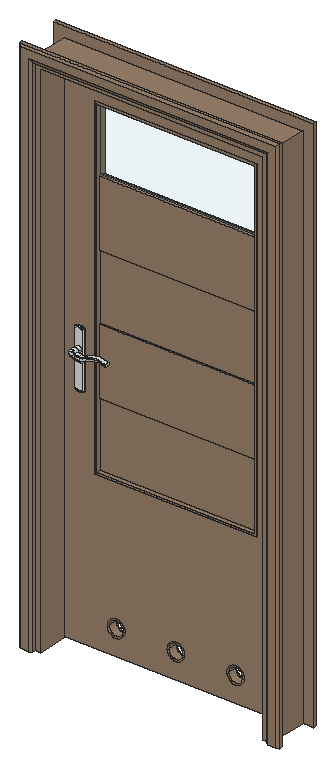
Revit family "Internal Door - sliding", category Doors, host Wall, Revit 2012
Parameters (values of type "1 vision pannel + vent")
  Vent Hole Sweep Material [instance] = Wood
  Opening Frame Material [instance] = Wood
  Hole dia [instance] = 30 mm
  Glass [instance] = Glass
  Function = (empty or 0)
  Frame Width = 50 mm
  Height = 2000 mm
  Wall Closure = (empty or 0)
  Width = 900 mm
  Frame Material [instance] = Wood
  Door Leaf Material [instance] = Wood
Values of the unnamed type that differ from the named types
  Function = Interior
  Wall Closure = By host
Reference planes
  plane 1: y = 0
  plane 2 "Center (Left/Right)": x = 0
  plane 3 "Left": x = -450
  plane 4 "Right": x = 450
  plane 5: z = 2000
  plane 6 "Exterior": y = 75
  plane 7 "Interior": y = -75
  plane 8: x = -300
  plane 9: x = 300
  plane 10: z = 600
  plane 11: z = 1850
  plane 12: z = 850
  plane 13: z = 1100
  plane 14: z = 1350
  plane 15: z = 1600
  plane 16: y = 56.5
  plane 17: y = 59
  plane 18: y = 54
  plane 19: y = 66.5
  plane 20: y = 46.5
  plane 21: x = -360
  plane 22: z = 1000
  plane 23: z = 100
  plane 24: x = 225
  plane 25: x = -225
Forms (mm)
  Sweep 1, solid, material "Wood" <- "Frame Material"
    path origin (0, -75, 0) x (1, 0, 0) y (0, 0, 1)
      loop
        line (-450, 0) -> (-450, 2000) -> (450, 2000) -> (450, 0)
    profile origin (-450, -75, 1000) x (-1, 0, 0) y (0, -1, 0)
      loop
        line (0, 0) -> (-30, 0) -> (-30, -111) -> (-10, -111) -> (-10, -150) -> (0, -150) -> (0, 0)
      loop
        line (40, 1) -> (40, 9.694) -> (30, 16) -> (0, 16) -> (-10, 9.694) -> (-10, 1) -> (40, 1)
      loop
        line (40, -151) -> (-10, -151) -> (-10, -159.694) -> (0, -166) -> (30, -166) -> (40, -159.694) -> (40, -151)
  Extrusion 2, solid, material "Wood" <- "Door Leaf Material"
    sketch origin (0, 0, 0) x (1, 0, 0) y (0, 1, 0)
      loop
        line (-435, 38) -> (435, 38) -> (435, 75) -> (-435, 75) -> (-435, 38)
    from 5.345 to 1985.123
  Extrusion 3, void
    sketch origin (0, 0, 0) x (1, 0, 0) y (0, 1, 0)
      loop
        line (-300, 75) -> (-300, 38) -> (300, 38) -> (300, 75) -> (-300, 75)
    from 600 to 802.884
  Extrusion 4, void
    sketch origin (0, 0, 0) x (1, 0, 0) y (0, 1, 0)
      loop
        line (-300, 75) -> (-300, 38) -> (300, 38) -> (300, 75) -> (-300, 75)
    from 600 to 1850
  Extrusion 5, solid, material "Wood" <- "Door Leaf Material"
    sketch origin (0, 0, 0) x (1, 0, 0) y (0, 1, 0)
      loop
        line (-300, 66.5) -> (-300, 46.5) -> (300, 46.5) -> (300, 66.5) -> (-300, 66.5)
    from 850 to 1100
  Extrusion 6, solid, material "Wood" <- "Door Leaf Material"
    sketch origin (0, 0, 0) x (1, 0, 0) y (0, 1, 0)
      loop
        line (-300, 66.5) -> (-300, 46.5) -> (300, 46.5) -> (300, 66.5) -> (-300, 66.5)
    from 1350 to 1600
  Blend 7, solid, material "Metal", not visible
    base sketch origin (35.686, 0, 1007.829) x (1, 0, 0) y (0, 0, 1)
      loop
        arc (-17.526, -140.706) -> (0, -145.931) -> (17.526, -140.706) r 32.004
        line (17.526, -140.706) -> (17.526, 71.368)
        arc (17.526, 71.368) -> (0, 76.594) -> (-17.526, 71.368) r 32.004
        line (-17.526, 71.368) -> (-17.526, -140.706)
    top sketch origin (35.686, 0, 1007.829) x (1, 0, 0) y (0, 0, 1)
      loop
        arc (14.148, 68.287) -> (0, 73.215) -> (-14.148, 68.287) r 22.77
        line (-14.148, 68.287) -> (-14.148, -137.624)
        arc (-14.148, -137.624) -> (0, -142.553) -> (14.148, -137.624) r 22.77
        line (14.148, -137.624) -> (14.148, 68.287)
    from 3.175 to 6.35
  Extrusion 8, solid, material "Metal", not visible
    sketch origin (35.686, 0, 1007.829) x (1, 0, 0) y (0, 0, 1)
      loop
        arc (-17.526, -140.706) -> (0, -145.931) -> (17.526, -140.706) r 32.004
        line (17.526, -140.706) -> (17.526, 71.368)
        arc (17.526, 71.368) -> (0, 76.594) -> (-17.526, 71.368) r 32.004
        line (-17.526, 71.368) -> (-17.526, -140.706)
    from 0 to 3.175
  Extrusion 9, solid, material "Metal", not visible
    sketch origin (35.686, 0, 1007.829) x (1, 0, 0) y (0, 0, 1)
      loop
        circle (0, 0) r 9.919
    from 6.35 to 25.4
  Extrusion 10, solid, material "Metal", not visible
    sketch origin (35.686, -20, 1007.829) x (1, 0, 0) y (0, 0, 1)
      loop
        arc (27.178, -19.985) -> (38.428, -17.933) -> (48.778, -13.068) r 44.288
        arc (48.778, -13.068) -> (84.574, 3.027) -> (123.292, -3.407) r 67.809
        arc (123.292, -3.407) -> (128.362, -0.944) -> (125.9, 4.127) r 3.986
        arc (125.9, 4.127) -> (83.38, 11.406) -> (42.125, -1.201) r 93.388
        arc (42.125, -1.201) -> (34.818, -3.457) -> (27.178, -3.773) r 29.69
        arc (27.178, -3.773) -> (18.711, -1.746) -> (11.197, 2.65) r 29.69
        arc (11.197, 2.65) -> (-8.598, 7.646) -> (-1.324, -11.43) r 11.506
        arc (-1.324, -11.43) -> (12.187, -18.173) -> (27.178, -19.985) r 44.288
    from 42.743 to 25.4
  Blend 11, solid, material "Metal", not visible
    base sketch origin (35.686, -20, 1007.829) x (1, 0, 0) y (0, 0, 1)
      loop
        arc (11.197, 2.65) -> (-8.598, 7.646) -> (-1.324, -11.43) r 11.506
        arc (-1.324, -11.43) -> (12.187, -18.173) -> (27.178, -19.985) r 44.288
        arc (27.178, -19.985) -> (38.428, -17.933) -> (48.778, -13.068) r 44.288
        arc (48.778, -13.068) -> (84.574, 3.027) -> (123.292, -3.407) r 67.809
        arc (123.292, -3.407) -> (128.362, -0.944) -> (125.9, 4.127) r 3.986
        arc (125.9, 4.127) -> (83.38, 11.406) -> (42.125, -1.201) r 93.388
        arc (42.125, -1.201) -> (34.818, -3.457) -> (27.178, -3.773) r 29.69
        arc (27.178, -3.773) -> (18.711, -1.746) -> (11.197, 2.65) r 29.69
    top sketch origin (35.686, -20, 1007.829) x (1, 0, 0) y (0, 0, 1)
      loop
        arc (26.899, -6.936) -> (16.966, -4.46) -> (8.277, 0.952) r 32.865
        arc (8.277, 0.952) -> (-6.164, 5.605) -> (-0.163, -8.33) r 8.331
        arc (-0.163, -8.33) -> (12.668, -15) -> (27.016, -16.815) r 41.113
        arc (27.016, -16.815) -> (37.352, -14.943) -> (46.876, -10.515) r 41.113
        arc (46.876, -10.515) -> (84.148, 6.173) -> (124.448, -0.438) r 70.984
        arc (124.448, -0.438) -> (125.388, 0.187) -> (124.795, 1.146) r 0.811
        arc (124.795, 1.146) -> (83.579, 8.237) -> (43.595, -4.019) r 90.213
        arc (43.595, -4.019) -> (35.438, -6.572) -> (26.899, -6.936) r 32.865
    from 42.743 to 44.532
  Blend 12, solid, material "Metal", not visible
    base sketch origin (-341.776, 95, 1007.829) x (1, 0, 0) y (0, 0, -1)
      loop
        line (-17.526, 140.706) -> (-17.526, -71.368)
        arc (-17.526, -71.368) -> (0, -76.594) -> (17.526, -71.368) r 32.004
        line (17.526, -71.368) -> (17.526, 140.706)
        arc (17.526, 140.706) -> (0, 145.931) -> (-17.526, 140.706) r 32.004
    top sketch origin (-341.776, 95, 1007.829) x (1, 0, 0) y (0, 0, -1)
      loop
        line (14.148, -68.287) -> (14.148, 137.624)
        arc (14.148, 137.624) -> (0, 142.553) -> (-14.148, 137.624) r 22.77
        line (-14.148, 137.624) -> (-14.148, -68.287)
        arc (-14.148, -68.287) -> (0, -73.215) -> (14.148, -68.287) r 22.77
    from 3.175 to 6.35
  Extrusion 13, solid, material "Metal", not visible
    sketch origin (-341.776, 95, 1007.829) x (1, 0, 0) y (0, 0, -1)
      loop
        line (-17.526, 140.706) -> (-17.526, -71.368)
        arc (-17.526, -71.368) -> (0, -76.594) -> (17.526, -71.368) r 32.004
        line (17.526, -71.368) -> (17.526, 140.706)
        arc (17.526, 140.706) -> (0, 145.931) -> (-17.526, 140.706) r 32.004
    from 0 to 3.175
  Extrusion 14, solid, material "Metal", not visible
    sketch origin (-341.776, 95, 1007.829) x (1, 0, 0) y (0, 0, -1)
      loop
        circle (0, 0) r 9.919
    from 6.35 to 25.4
  Extrusion 15, solid, material "Metal", not visible
    sketch origin (-341.776, 95, 1007.829) x (1, 0, 0) y (0, 0, -1)
      loop
        arc (27.178, 19.985) -> (12.187, 18.173) -> (-1.324, 11.43) r 44.288
        arc (-1.324, 11.43) -> (-8.598, -7.646) -> (11.197, -2.65) r 11.506
        arc (11.197, -2.65) -> (18.711, 1.746) -> (27.178, 3.773) r 29.69
        arc (27.178, 3.773) -> (34.818, 3.457) -> (42.125, 1.201) r 29.69
        arc (42.125, 1.201) -> (83.38, -11.406) -> (125.9, -4.127) r 93.388
        arc (125.9, -4.127) -> (128.362, 0.944) -> (123.292, 3.407) r 3.986
        arc (123.292, 3.407) -> (84.574, -3.027) -> (48.778, 13.068) r 67.809
        arc (48.778, 13.068) -> (38.428, 17.933) -> (27.178, 19.985) r 44.288
    from 42.743 to 25.4
  Blend 16, solid, material "Metal", not visible
    base sketch origin (-341.776, 95, 1007.829) x (1, 0, 0) y (0, 0, -1)
      loop
        arc (11.197, -2.65) -> (18.711, 1.746) -> (27.178, 3.773) r 29.69
        arc (27.178, 3.773) -> (34.818, 3.457) -> (42.125, 1.201) r 29.69
        arc (42.125, 1.201) -> (83.38, -11.406) -> (125.9, -4.127) r 93.388
        arc (125.9, -4.127) -> (128.362, 0.944) -> (123.292, 3.407) r 3.986
        arc (123.292, 3.407) -> (84.574, -3.027) -> (48.778, 13.068) r 67.809
        arc (48.778, 13.068) -> (38.428, 17.933) -> (27.178, 19.985) r 44.288
        arc (27.178, 19.985) -> (12.187, 18.173) -> (-1.324, 11.43) r 44.288
        arc (-1.324, 11.43) -> (-8.598, -7.646) -> (11.197, -2.65) r 11.506
    top sketch origin (-341.776, 95, 1007.829) x (1, 0, 0) y (0, 0, -1)
      loop
        arc (26.899, 6.936) -> (35.438, 6.572) -> (43.595, 4.019) r 32.865
        arc (43.595, 4.019) -> (83.579, -8.237) -> (124.795, -1.146) r 90.213
        arc (124.795, -1.146) -> (125.388, -0.187) -> (124.448, 0.438) r 0.811
        arc (124.448, 0.438) -> (84.148, -6.173) -> (46.876, 10.515) r 70.984
        arc (46.876, 10.515) -> (37.352, 14.943) -> (27.016, 16.815) r 41.113
        arc (27.016, 16.815) -> (12.668, 15) -> (-0.163, 8.33) r 41.113
        arc (-0.163, 8.33) -> (-6.164, -5.605) -> (8.277, -0.952) r 8.331
        arc (8.277, -0.952) -> (16.966, 4.46) -> (26.899, 6.936) r 32.865
    from 42.743 to 44.532
  Blend 17, solid, material "Metal", not visible
    base sketch origin (-341.776, 38, 1007.829) x (1, 0, 0) y (0, 0, 1)
      loop
        arc (-17.526, -140.706) -> (0, -145.931) -> (17.526, -140.706) r 32.004
        line (17.526, -140.706) -> (17.526, 71.368)
        arc (17.526, 71.368) -> (0, 76.594) -> (-17.526, 71.368) r 32.004
        line (-17.526, 71.368) -> (-17.526, -140.706)
    top sketch origin (-341.776, 38, 1007.829) x (1, 0, 0) y (0, 0, 1)
      loop
        arc (14.148, 68.287) -> (0, 73.215) -> (-14.148, 68.287) r 22.77
        line (-14.148, 68.287) -> (-14.148, -137.624)
        arc (-14.148, -137.624) -> (0, -142.553) -> (14.148, -137.624) r 22.77
        line (14.148, -137.624) -> (14.148, 68.287)
    from 3.175 to 6.35
  Extrusion 18, solid, material "Metal", not visible
    sketch origin (-341.776, 38, 1007.829) x (1, 0, 0) y (0, 0, 1)
      loop
        arc (-17.526, -140.706) -> (0, -145.931) -> (17.526, -140.706) r 32.004
        line (17.526, -140.706) -> (17.526, 71.368)
        arc (17.526, 71.368) -> (0, 76.594) -> (-17.526, 71.368) r 32.004
        line (-17.526, 71.368) -> (-17.526, -140.706)
    from 0 to 3.175
  Extrusion 19, solid, material "Metal", not visible
    sketch origin (-341.776, 38, 1007.829) x (1, 0, 0) y (0, 0, 1)
      loop
        circle (0, 0) r 9.919
    from 6.35 to 25.4
  Extrusion 20, solid, material "Metal", not visible
    sketch origin (-341.776, 38, 1007.829) x (1, 0, 0) y (0, 0, 1)
      loop
        arc (27.178, -19.985) -> (38.428, -17.933) -> (48.778, -13.068) r 44.288
        arc (48.778, -13.068) -> (84.574, 3.027) -> (123.292, -3.407) r 67.809
        arc (123.292, -3.407) -> (128.362, -0.944) -> (125.9, 4.127) r 3.986
        arc (125.9, 4.127) -> (83.38, 11.406) -> (42.125, -1.201) r 93.388
        arc (42.125, -1.201) -> (34.818, -3.457) -> (27.178, -3.773) r 29.69
        arc (27.178, -3.773) -> (18.711, -1.746) -> (11.197, 2.65) r 29.69
        arc (11.197, 2.65) -> (-8.598, 7.646) -> (-1.324, -11.43) r 11.506
        arc (-1.324, -11.43) -> (12.187, -18.173) -> (27.178, -19.985) r 44.288
    from 42.743 to 25.4
  Blend 21, solid, material "Metal", not visible
    base sketch origin (-341.776, 38, 1007.829) x (1, 0, 0) y (0, 0, 1)
      loop
        arc (11.197, 2.65) -> (-8.598, 7.646) -> (-1.324, -11.43) r 11.506
        arc (-1.324, -11.43) -> (12.187, -18.173) -> (27.178, -19.985) r 44.288
        arc (27.178, -19.985) -> (38.428, -17.933) -> (48.778, -13.068) r 44.288
        arc (48.778, -13.068) -> (84.574, 3.027) -> (123.292, -3.407) r 67.809
        arc (123.292, -3.407) -> (128.362, -0.944) -> (125.9, 4.127) r 3.986
        arc (125.9, 4.127) -> (83.38, 11.406) -> (42.125, -1.201) r 93.388
        arc (42.125, -1.201) -> (34.818, -3.457) -> (27.178, -3.773) r 29.69
        arc (27.178, -3.773) -> (18.711, -1.746) -> (11.197, 2.65) r 29.69
    top sketch origin (-341.776, 38, 1007.829) x (1, 0, 0) y (0, 0, 1)
      loop
        arc (26.899, -6.936) -> (16.966, -4.46) -> (8.277, 0.952) r 32.865
        arc (8.277, 0.952) -> (-6.164, 5.605) -> (-0.163, -8.33) r 8.331
        arc (-0.163, -8.33) -> (12.668, -15) -> (27.016, -16.815) r 41.113
        arc (27.016, -16.815) -> (37.352, -14.943) -> (46.876, -10.515) r 41.113
        arc (46.876, -10.515) -> (84.148, 6.173) -> (124.448, -0.438) r 70.984
        arc (124.448, -0.438) -> (125.388, 0.187) -> (124.795, 1.146) r 0.811
        arc (124.795, 1.146) -> (83.579, 8.237) -> (43.595, -4.019) r 90.213
        arc (43.595, -4.019) -> (35.438, -6.572) -> (26.899, -6.936) r 32.865
    from 42.743 to 44.532
  Blend 22, solid, material "Metal", not visible
    base sketch origin (-510, 75, 1000) x (1, 0, 0) y (0, 0, -1)
      loop
        line (-17.526, 140.706) -> (-17.526, -71.368)
        arc (-17.526, -71.368) -> (0, -76.594) -> (17.526, -71.368) r 32.004
        line (17.526, -71.368) -> (17.526, 140.706)
        arc (17.526, 140.706) -> (0, 145.931) -> (-17.526, 140.706) r 32.004
    top sketch origin (-510, 75, 1000) x (1, 0, 0) y (0, 0, -1)
      loop
        line (14.148, -68.287) -> (14.148, 137.624)
        arc (14.148, 137.624) -> (0, 142.553) -> (-14.148, 137.624) r 22.77
        line (-14.148, 137.624) -> (-14.148, -68.287)
        arc (-14.148, -68.287) -> (0, -73.215) -> (14.148, -68.287) r 22.77
    from 3.175 to 6.35
  Extrusion 23, solid, material "Metal", not visible
    sketch origin (-510, 75, 1000) x (1, 0, 0) y (0, 0, -1)
      loop
        line (-17.526, 140.706) -> (-17.526, -71.368)
        arc (-17.526, -71.368) -> (0, -76.594) -> (17.526, -71.368) r 32.004
        line (17.526, -71.368) -> (17.526, 140.706)
        arc (17.526, 140.706) -> (0, 145.931) -> (-17.526, 140.706) r 32.004
    from 0 to 3.175
  Extrusion 24, solid, material "Metal", not visible
    sketch origin (-510, 75, 1000) x (1, 0, 0) y (0, 0, -1)
      loop
        circle (0, 0) r 9.919
    from 6.35 to 25.4
  Extrusion 25, solid, material "Metal", not visible
    sketch origin (-510, 75, 1000) x (1, 0, 0) y (0, 0, -1)
      loop
        arc (27.178, 19.985) -> (12.187, 18.173) -> (-1.324, 11.43) r 44.288
        arc (-1.324, 11.43) -> (-8.598, -7.646) -> (11.197, -2.65) r 11.506
        arc (11.197, -2.65) -> (18.711, 1.746) -> (27.178, 3.773) r 29.69
        arc (27.178, 3.773) -> (34.818, 3.457) -> (42.125, 1.201) r 29.69
        arc (42.125, 1.201) -> (83.38, -11.406) -> (125.9, -4.127) r 93.388
        arc (125.9, -4.127) -> (128.362, 0.944) -> (123.292, 3.407) r 3.986
        arc (123.292, 3.407) -> (84.574, -3.027) -> (48.778, 13.068) r 67.809
        arc (48.778, 13.068) -> (38.428, 17.933) -> (27.178, 19.985) r 44.288
    from 42.743 to 25.4
  Blend 26, solid, material "Metal", not visible
    base sketch origin (-510, 75, 1000) x (1, 0, 0) y (0, 0, -1)
      loop
        arc (11.197, -2.65) -> (18.711, 1.746) -> (27.178, 3.773) r 29.69
        arc (27.178, 3.773) -> (34.818, 3.457) -> (42.125, 1.201) r 29.69
        arc (42.125, 1.201) -> (83.38, -11.406) -> (125.9, -4.127) r 93.388
        arc (125.9, -4.127) -> (128.362, 0.944) -> (123.292, 3.407) r 3.986
        arc (123.292, 3.407) -> (84.574, -3.027) -> (48.778, 13.068) r 67.809
        arc (48.778, 13.068) -> (38.428, 17.933) -> (27.178, 19.985) r 44.288
        arc (27.178, 19.985) -> (12.187, 18.173) -> (-1.324, 11.43) r 44.288
        arc (-1.324, 11.43) -> (-8.598, -7.646) -> (11.197, -2.65) r 11.506
    top sketch origin (-510, 75, 1000) x (1, 0, 0) y (0, 0, -1)
      loop
        arc (26.899, 6.936) -> (35.438, 6.572) -> (43.595, 4.019) r 32.865
        arc (43.595, 4.019) -> (83.579, -8.237) -> (124.795, -1.146) r 90.213
        arc (124.795, -1.146) -> (125.388, -0.187) -> (124.448, 0.438) r 0.811
        arc (124.448, 0.438) -> (84.148, -6.173) -> (46.876, 10.515) r 70.984
        arc (46.876, 10.515) -> (37.352, 14.943) -> (27.016, 16.815) r 41.113
        arc (27.016, 16.815) -> (12.668, 15) -> (-0.163, 8.33) r 41.113
        arc (-0.163, 8.33) -> (-6.164, -5.605) -> (8.277, -0.952) r 8.331
        arc (8.277, -0.952) -> (16.966, 4.46) -> (26.899, 6.936) r 32.865
    from 42.743 to 44.532
  Blend 27, solid, material "Metal", not visible
    base sketch origin (-510, 38, 1007.829) x (1, 0, 0) y (0, 0, 1)
      loop
        arc (-17.526, -140.706) -> (0, -145.931) -> (17.526, -140.706) r 32.004
        line (17.526, -140.706) -> (17.526, 71.368)
        arc (17.526, 71.368) -> (0, 76.594) -> (-17.526, 71.368) r 32.004
        line (-17.526, 71.368) -> (-17.526, -140.706)
    top sketch origin (-510, 38, 1007.829) x (1, 0, 0) y (0, 0, 1)
      loop
        arc (14.148, 68.287) -> (0, 73.215) -> (-14.148, 68.287) r 22.77
        line (-14.148, 68.287) -> (-14.148, -137.624)
        arc (-14.148, -137.624) -> (0, -142.553) -> (14.148, -137.624) r 22.77
        line (14.148, -137.624) -> (14.148, 68.287)
    from 3.175 to 6.35
  Extrusion 28, solid, material "Metal", not visible
    sketch origin (-510, 38, 1007.829) x (1, 0, 0) y (0, 0, 1)
      loop
        arc (-17.526, -140.706) -> (0, -145.931) -> (17.526, -140.706) r 32.004
        line (17.526, -140.706) -> (17.526, 71.368)
        arc (17.526, 71.368) -> (0, 76.594) -> (-17.526, 71.368) r 32.004
        line (-17.526, 71.368) -> (-17.526, -140.706)
    from 0 to 3.175
  Extrusion 29, solid, material "Metal", not visible
    sketch origin (-510, 38, 1007.829) x (1, 0, 0) y (0, 0, 1)
      loop
        circle (0, 0) r 9.919
    from 6.35 to 25.4
  Extrusion 30, solid, material "Metal", not visible
    sketch origin (-510, 38, 1007.829) x (1, 0, 0) y (0, 0, 1)
      loop
        arc (27.178, -19.985) -> (38.428, -17.933) -> (48.778, -13.068) r 44.288
        arc (48.778, -13.068) -> (84.574, 3.027) -> (123.292, -3.407) r 67.809
        arc (123.292, -3.407) -> (128.362, -0.944) -> (125.9, 4.127) r 3.986
        arc (125.9, 4.127) -> (83.38, 11.406) -> (42.125, -1.201) r 93.388
        arc (42.125, -1.201) -> (34.818, -3.457) -> (27.178, -3.773) r 29.69
        arc (27.178, -3.773) -> (18.711, -1.746) -> (11.197, 2.65) r 29.69
        arc (11.197, 2.65) -> (-8.598, 7.646) -> (-1.324, -11.43) r 11.506
        arc (-1.324, -11.43) -> (12.187, -18.173) -> (27.178, -19.985) r 44.288
    from 42.743 to 25.4
  Blend 31, solid, material "Metal", not visible
    base sketch origin (-510, 38, 1007.829) x (1, 0, 0) y (0, 0, 1)
      loop
        arc (11.197, 2.65) -> (-8.598, 7.646) -> (-1.324, -11.43) r 11.506
        arc (-1.324, -11.43) -> (12.187, -18.173) -> (27.178, -19.985) r 44.288
        arc (27.178, -19.985) -> (38.428, -17.933) -> (48.778, -13.068) r 44.288
        arc (48.778, -13.068) -> (84.574, 3.027) -> (123.292, -3.407) r 67.809
        arc (123.292, -3.407) -> (128.362, -0.944) -> (125.9, 4.127) r 3.986
        arc (125.9, 4.127) -> (83.38, 11.406) -> (42.125, -1.201) r 93.388
        arc (42.125, -1.201) -> (34.818, -3.457) -> (27.178, -3.773) r 29.69
        arc (27.178, -3.773) -> (18.711, -1.746) -> (11.197, 2.65) r 29.69
    top sketch origin (-510, 38, 1007.829) x (1, 0, 0) y (0, 0, 1)
      loop
        arc (26.899, -6.936) -> (16.966, -4.46) -> (8.277, 0.952) r 32.865
        arc (8.277, 0.952) -> (-6.164, 5.605) -> (-0.163, -8.33) r 8.331
        arc (-0.163, -8.33) -> (12.668, -15) -> (27.016, -16.815) r 41.113
        arc (27.016, -16.815) -> (37.352, -14.943) -> (46.876, -10.515) r 41.113
        arc (46.876, -10.515) -> (84.148, 6.173) -> (124.448, -0.438) r 70.984
        arc (124.448, -0.438) -> (125.388, 0.187) -> (124.795, 1.146) r 0.811
        arc (124.795, 1.146) -> (83.579, 8.237) -> (43.595, -4.019) r 90.213
        arc (43.595, -4.019) -> (35.438, -6.572) -> (26.899, -6.936) r 32.865
    from 42.743 to 44.532
  Sweep 32, solid, material "Wood" <- "Door Leaf Material"
    path origin (0, 75, 0) x (1, 0, 0) y (0, 0, 1)
      loop
        line (300, 600) -> (300, 1850) -> (-300, 1850) -> (-300, 600) -> (300, 600)
    profile origin (300, 75, 1225) x (-1, 0, 0) y (0, -1, 0)
      loop
        line (0, 37) -> (0, 21) -> (2, 21) -> (2, 39) -> (-5, 39) -> (-5, 37) -> (0, 37)
      loop
        line (0, 0) -> (-5, 0) -> (-5, -2) -> (2, -2) -> (2, 16) -> (0, 16) -> (0, 0)
  Extrusion 33, solid, material "Wood" <- "Door Leaf Material"
    sketch origin (0, 0, 0) x (1, 0, 0) y (0, 1, 0)
      loop
        line (-300, 59) -> (-300, 54) -> (300, 54) -> (300, 59) -> (-300, 59)
    from 600 to 850
  Extrusion 34, solid, material "Wood" <- "Door Leaf Material"
    sketch origin (0, 0, 0) x (1, 0, 0) y (0, 1, 0)
      loop
        line (-300, 59) -> (-300, 54) -> (300, 54) -> (300, 59) -> (-300, 59)
    from 1100 to 1350
  Extrusion 35, solid, material "Glass" <- "Glass"
    sketch origin (0, 0, 0) x (1, 0, 0) y (0, 1, 0)
      loop
        line (-300, 59) -> (-300, 54) -> (300, 54) -> (300, 59) -> (-300, 59)
    from 1600 to 1850
  Blend 36, solid, material "Metal", not visible
    base sketch origin (-410, 38, 1007.829) x (1, 0, 0) y (0, 0, 1)
      loop
        arc (32.474, -140.706) -> (50, -145.931) -> (67.526, -140.706) r 32.004
        line (67.526, -140.706) -> (67.526, 71.368)
        arc (67.526, 71.368) -> (50, 76.594) -> (32.474, 71.368) r 32.004
        line (32.474, 71.368) -> (32.474, -140.706)
    top sketch origin (-410, 38, 1007.829) x (1, 0, 0) y (0, 0, 1)
      loop
        arc (64.148, 68.287) -> (50, 73.216) -> (35.852, 68.287) r 22.77
        line (35.852, 68.287) -> (35.852, -137.624)
        arc (35.852, -137.624) -> (50, -142.553) -> (64.148, -137.624) r 22.77
        line (64.148, -137.624) -> (64.148, 68.287)
    from 3.175 to 6.35
  Extrusion 37, solid, material "Metal", not visible
    sketch origin (-410, 38, 1007.829) x (1, 0, 0) y (0, 0, 1)
      loop
        arc (32.474, -140.706) -> (50, -145.931) -> (67.526, -140.706) r 32.004
        line (67.526, -140.706) -> (67.526, 71.368)
        arc (67.526, 71.368) -> (50, 76.594) -> (32.474, 71.368) r 32.004
        line (32.474, 71.368) -> (32.474, -140.706)
    from 0 to 3.175
  Extrusion 38, solid, material "Metal", not visible
    sketch origin (-410, 38, 1007.829) x (1, 0, 0) y (0, 0, 1)
      loop
        circle (50, 0) r 9.919
    from 6.35 to 25.4
  Extrusion 39, solid, material "Metal", not visible
    sketch origin (-410, 38, 1007.829) x (1, 0, 0) y (0, 0, 1)
      loop
        arc (77.178, -19.985) -> (88.428, -17.933) -> (98.778, -13.068) r 44.288
        arc (98.778, -13.068) -> (134.574, 3.027) -> (173.292, -3.407) r 67.809
        arc (173.292, -3.407) -> (178.362, -0.944) -> (175.9, 4.127) r 3.986
        arc (175.9, 4.127) -> (133.38, 11.406) -> (92.125, -1.201) r 93.388
        arc (92.125, -1.201) -> (84.818, -3.457) -> (77.178, -3.773) r 29.69
        arc (77.178, -3.773) -> (68.711, -1.746) -> (61.197, 2.65) r 29.69
        arc (61.197, 2.65) -> (41.402, 7.646) -> (48.676, -11.43) r 11.506
        arc (48.676, -11.43) -> (62.187, -18.173) -> (77.178, -19.985) r 44.288
    from 42.743 to 25.4
  Blend 40, solid, material "Metal", not visible
    base sketch origin (-410, 38, 1007.829) x (1, 0, 0) y (0, 0, 1)
      loop
        arc (61.197, 2.65) -> (41.402, 7.646) -> (48.676, -11.43) r 11.506
        arc (48.676, -11.43) -> (62.187, -18.173) -> (77.178, -19.985) r 44.288
        arc (77.178, -19.985) -> (88.428, -17.933) -> (98.778, -13.068) r 44.288
        arc (98.778, -13.068) -> (134.574, 3.027) -> (173.292, -3.407) r 67.809
        arc (173.292, -3.407) -> (178.362, -0.944) -> (175.9, 4.127) r 3.986
        arc (175.9, 4.127) -> (133.38, 11.406) -> (92.125, -1.201) r 93.388
        arc (92.125, -1.201) -> (84.818, -3.457) -> (77.178, -3.773) r 29.69
        arc (77.178, -3.773) -> (68.711, -1.746) -> (61.197, 2.65) r 29.69
    top sketch origin (-410, 38, 1007.829) x (1, 0, 0) y (0, 0, 1)
      loop
        arc (76.899, -6.936) -> (66.966, -4.46) -> (58.277, 0.952) r 32.865
        arc (58.277, 0.952) -> (43.836, 5.605) -> (49.837, -8.33) r 8.331
        arc (49.837, -8.33) -> (62.668, -15) -> (77.016, -16.815) r 41.113
        arc (77.016, -16.815) -> (87.352, -14.943) -> (96.876, -10.515) r 41.113
        arc (96.876, -10.515) -> (134.148, 6.173) -> (174.448, -0.438) r 70.984
        arc (174.448, -0.438) -> (175.388, 0.187) -> (174.795, 1.146) r 0.811
        arc (174.795, 1.146) -> (133.579, 8.237) -> (93.595, -4.019) r 90.213
        arc (93.595, -4.019) -> (85.438, -6.572) -> (76.899, -6.936) r 32.865
    from 42.743 to 44.532
  Extrusion 41, void
    sketch origin (0, 75, 0) x (1, 0, 0) y (0, 0, 1)
      loop
        circle (225, 100) r 30
      loop
        circle (0, 100) r 30
      loop
        circle (-225, 100) r 30
    from 0 to 250
  Sweep 42, solid, material "Wood" <- "Vent Hole Sweep Material"
    path origin (-435, 38, 0) x (1, 0, 0) y (0, 0, 1)
      loop
        circle (210, 100) r 30
    profile origin (-225, 38, 130) x (0, 0, -1) y (0, -1, 0)
      loop
        arc (1, -1.732) -> (1, 1.732) -> (-2, 0) r 2
        line (-2, 0) -> (0, 0) -> (0, -37) -> (-2, -37)
        arc (-2, -37) -> (1, -38.732) -> (1, -35.268) r 2
        line (1, -35.268) -> (1, -1.732)
  Sweep 43, solid, material "Wood" <- "Vent Hole Sweep Material"
    path origin (435, 38, 0) x (-1, 0, 0) y (0, 0, -1)
      loop
        circle (210, -100) r 30
    profile origin (225, 38, 130) x (0, 0, 1) y (0, -1, 0)
      loop
        line (-1, -1.732) -> (-1, -35.268)
        arc (-1, -35.268) -> (-1, -38.732) -> (2, -37) r 2
        line (2, -37) -> (0, -37) -> (0, 0) -> (2, 0)
        arc (2, 0) -> (-1, 1.732) -> (-1, -1.732) r 2
  Sweep 44, solid, material "Wood" <- "Vent Hole Sweep Material"
    path origin (210, 38, 0) x (-1, 0, 0) y (0, 0, -1)
      loop
        circle (210, -100) r 30
    profile origin (0, 38, 130) x (0, 0, 1) y (0, -1, 0)
      loop
        line (-1, -1.732) -> (-1, -35.268)
        arc (-1, -35.268) -> (-1, -38.732) -> (2, -37) r 2
        line (2, -37) -> (0, -37) -> (0, 0) -> (2, 0)
        arc (2, 0) -> (-1, 1.732) -> (-1, -1.732) r 2
Cuts and joins
  Extrusion 3, Extrusion 4, Extrusion 41 cuts Extrusion 2
  joined: Extrusion 5, Extrusion 6, Sweep 32, Extrusion 33, Extrusion 34
Lines and regions (mm)
  Opening 1
    outline origin (-3050, -75, 0) x (1, 0, 0) y (0, 0, 1)
      loop
        line (2600, 0) -> (3500, 0) -> (3500, 2000) -> (2600, 2000) -> (2600, 0)
  model lines, not visible
    curve 1: line (35.686, -133, 1084.422) -> (35.686, -133, 850)
    curve 2: line (35.686, -133, 1007.829) -> (10.686, -133, 1007.829)
  symbolic lines, not visible
    curve 3: line (-510, 81.35, 0) -> (-510, 83.833, 0)
    curve 5: line (-510, 31.65, 0) -> (-510, 28.753, 0)
  symbolic lines
    curve 4: line (-360, 31.65, 0) -> (-360, 28.753, 0)
  symbolic lines, style "Doors"
    curve 6: line (435, 945, 0) -> (435, 75, 0)
    curve 7: line (398, 945, 0) -> (435, 945, 0)
    curve 8: line (398, 75, 0) -> (398, 945, 0)
    curve 9: line (435, 75, 0) -> (398, 75, 0)
  symbolic lines, style "Plan Swing"
    curve 10: arc (435, 945, 0) -> (-180.183, 690.183, 0) -> (-435, 75, 0) r 870
  symbolic lines, style "Elevation Swing"
    curve 11: line (435, 75, 1000) -> (-450, 75, 2000)
    curve 12: line (435, 75, 1000) -> (-450, 75, 0)
Text (mm)
  text "Exterior" at (-2295.016, 1099.543, 0), in view "Ref. Level"
  text "Exterior" at (0, 1615.38, 3698.081), in view "Left"
  text "Exterior" at (0, 1036.032, 3874.932), in view "Right"
Dimensions and locks
  equal spacing: plane 3 "Left", plane 2 "Center (Left/Right)", plane 4 "Right"
  "Width": plane 3 "Left" to plane 4 "Right"
  "Height": plane 5 to host wall
  host wall to plane 5 = 2000 mm  (x2)
  locked: plane 6 "Exterior" to host wall at 0
  locked: plane 7 "Interior" to host wall
  locked: plane 3 "Left" to Extrusion 2 at 15
  locked: Extrusion 2 to plane 4 "Right" at 15
  locked: level to Extrusion 2 at 5.345
  locked: Extrusion 2 to Sweep 1 at 4.877
  locked: profile plane to Sweep 1 sketch curve at 10  (x2)
  "Frame Width": Sweep 1 sketch curve to Sweep 1 sketch curve  (x2)
  locked: plane 3 "Left" to plane 8 at 150
  locked: plane 9 to plane 4 "Right" at 150
  locked: level to plane 10 at 600
  locked: plane 11 to plane 5 at 150
  equal spacing: plane 10, plane 12, plane 13, plane 14, plane 15, plane 11
  locked: Sweep 1 sketch curve to plane 6 "Exterior" at 0
  locked: Sweep 1 sketch curve to plane 7 "Interior" at 0
  locked: plane 6 "Exterior" to Sweep 1 sketch curve at 39
  locked: plane 6 "Exterior" to Sweep 1 sketch curve at 1
  locked: Sweep 1 sketch curve to profile plane at 1
  locked: Sweep 1 sketch curve to Sweep 1 sketch curve at 15  (x2)
  plane 20 to plane 18 to plane 16 to plane 17 to plane 19 to plane 6 "Exterior" = 7.5 mm locked, 2.5 mm locked, 2.5 mm locked, 7.5 mm locked, 8.5 mm locked
  locked: plane 3 "Left" to plane 21 at 90
  locked: level to plane 22 at 1000
  locked: curve 11 to plane 3 "Left" at 0
  locked: plane 5 to curve 11
  locked: level to curve 12 at 0
  locked: plane 3 "Left" to curve 12 at 0
  locked: plane 22 to curve 12 at 0
  plane 25 to plane 2 "Center (Left/Right)" to plane 24 = 225 mm locked, 225 mm locked
  aligned and locked: plane 3 "Left" to Opening 1 sketch curve
  aligned and locked: plane 5 to Opening 1 sketch curve  (x2)
  aligned and locked: Opening 1 sketch curve to plane 4 "Right"
  aligned and locked: Opening 1 sketch curve to level
  aligned and locked: plane 1 to host wall
  aligned and locked: plane 5 to Sweep 1 sketch curve
  aligned and locked: Sweep 1 sketch curve to plane 3 "Left"
  aligned and locked: plane 4 "Right" to Sweep 1 sketch curve
  aligned and locked: Extrusion 3 to plane 9
  aligned and locked: plane 8 to Extrusion 3
  aligned and locked: Extrusion 3 to plane 10
  aligned and locked: Extrusion 3 to Extrusion 4
  aligned and locked: Extrusion 4 to Extrusion 3  (x2)
  aligned and locked: plane 11 to Extrusion 4
  aligned and locked: host wall to Extrusion 2
  aligned and locked: plane 13 to Extrusion 5
  aligned and locked: Extrusion 5 to plane 12
  aligned and locked: cut or joined group of Extrusion 2, Extrusion 3, Extrusion 4, Extrusion 41 to Extrusion 5  (x2)
  aligned and locked: Extrusion 5 sketch curve to plane 19
  aligned and locked: Extrusion 5 sketch curve to plane 20
  aligned and locked: Extrusion 6 sketch curve to plane 19
  aligned and locked: Extrusion 6 sketch curve to plane 20
  aligned and locked: Extrusion 6 sketch curve to plane 8
  aligned and locked: plane 9 to Extrusion 6 sketch curve
  aligned and locked: plane 15 to Extrusion 6
  aligned and locked: Extrusion 6 to plane 14
  aligned and locked: plane 21 to curve 4
  aligned and locked: plane 11 to Sweep 32 sketch curve
  aligned and locked: plane 8 to Sweep 32 sketch curve
  aligned and locked: Sweep 32 sketch curve to plane 10
  aligned and locked: Sweep 32 sketch curve to plane 9
  aligned and locked: Extrusion 33 sketch curve to plane 17
  aligned and locked: Extrusion 33 sketch curve to plane 8
  aligned and locked: Extrusion 33 sketch curve to plane 18
  aligned and locked: plane 9 to Extrusion 33 sketch curve
  aligned and locked: plane 12 to Extrusion 33
  aligned and locked: Extrusion 33 to plane 10
  aligned and locked: Extrusion 34 sketch curve to Extrusion 33  (x4)
  aligned and locked: plane 14 to Extrusion 34
  aligned and locked: Extrusion 34 to plane 13
  aligned and locked: Extrusion 35 sketch curve to Extrusion 33
  aligned and locked: Extrusion 35 sketch curve to plane 18
  aligned and locked: plane 11 to Extrusion 35
  aligned and locked: Extrusion 35 to plane 15
  aligned and locked: Extrusion 35 to plane 9
  aligned and locked: plane 8 to Extrusion 35
  aligned and locked: nested 1 to plane 21
  aligned and locked: cut or joined group of Extrusion 2, Extrusion 3, Extrusion 4, Extrusion 41 to nested 1
  aligned and locked: plane 21 to nested 2
  aligned and locked: nested 2 to cut or joined group of Extrusion 2, Extrusion 3, Extrusion 4, Extrusion 41
Automatic sketch dimensions
  Blend 7 sketch curve to Blend 7 sketch curve = 17.526 mm  (x3)
  Blend 7 sketch curve to Blend 7 sketch curve = 26.779 mm  (x2)
  Blend 7 sketch curve to Blend 7 sketch curve = 14.148 mm  (x3)
  Blend 7 sketch curve to Blend 7 sketch curve = 17.841 mm  (x2)
  Extrusion 8 sketch curve to Extrusion 8 sketch curve = 17.526 mm  (x3)
  Extrusion 8 sketch curve to Extrusion 8 sketch curve = 26.779 mm  (x2)
  Extrusion 10 sketch curve to Extrusion 10 sketch curve = 0 mm  (x9)
  Extrusion 10 sketch curve to Extrusion 10 sketch curve = 1.324 mm
  Extrusion 10 sketch curve to Extrusion 10 sketch curve = 11.197 mm
  Extrusion 10 sketch curve to Extrusion 10 sketch curve = 13.723 mm
  Extrusion 10 sketch curve to Extrusion 10 sketch curve = 15.981 mm
  Extrusion 10 sketch curve to Extrusion 10 sketch curve = 4.863 mm
  Extrusion 10 sketch curve to Extrusion 10 sketch curve = 14.947 mm
  Extrusion 10 sketch curve to Extrusion 10 sketch curve = 6.653 mm
  Extrusion 10 sketch curve to Extrusion 10 sketch curve = 40.529 mm
  Extrusion 10 sketch curve to Extrusion 10 sketch curve = 3.986 mm
  Extrusion 10 sketch curve to Extrusion 10 sketch curve = 29.999 mm
  Extrusion 10 sketch curve to Extrusion 10 sketch curve = 1.304 mm  (x2)
  Extrusion 10 sketch curve to Extrusion 10 sketch curve = 17.575 mm
  Extrusion 10 sketch curve to Extrusion 10 sketch curve = 44.233 mm
  Extrusion 10 sketch curve to Extrusion 10 sketch curve = 6.918 mm
  Extrusion 10 sketch curve to Extrusion 10 sketch curve = 16.213 mm
  Extrusion 10 sketch curve to Extrusion 10 sketch curve = 11.867 mm
  Blend 11 sketch curve to Blend 11 sketch curve = 0 mm  (x17)
  Blend 11 sketch curve to Blend 11 sketch curve = 1.324 mm
  Blend 11 sketch curve to Blend 11 sketch curve = 11.197 mm
  Blend 11 sketch curve to Blend 11 sketch curve = 13.723 mm
  Blend 11 sketch curve to Blend 11 sketch curve = 15.981 mm
  Blend 11 sketch curve to Blend 11 sketch curve = 4.863 mm  (x2)
  Blend 11 sketch curve to Blend 11 sketch curve = 14.947 mm
  Blend 11 sketch curve to Blend 11 sketch curve = 6.653 mm
  Blend 11 sketch curve to Blend 11 sketch curve = 40.529 mm
  Blend 11 sketch curve to Blend 11 sketch curve = 3.986 mm  (x2)
  Blend 11 sketch curve to Blend 11 sketch curve = 29.999 mm
  Blend 11 sketch curve to Blend 11 sketch curve = 1.304 mm  (x2)
  Blend 11 sketch curve to Blend 11 sketch curve = 17.575 mm  (x2)
  Blend 11 sketch curve to Blend 11 sketch curve = 44.233 mm
  Blend 11 sketch curve to Blend 11 sketch curve = 6.918 mm
  Blend 11 sketch curve to Blend 11 sketch curve = 16.213 mm
  Blend 11 sketch curve to Blend 11 sketch curve = 11.867 mm
  Blend 11 sketch curve to Blend 11 sketch curve = 0.163 mm
  Blend 11 sketch curve to Blend 11 sketch curve = 8.277 mm
  Blend 11 sketch curve to Blend 11 sketch curve = 16.643 mm
  Blend 11 sketch curve to Blend 11 sketch curve = 18.623 mm
  Blend 11 sketch curve to Blend 11 sketch curve = 0.117 mm
  Blend 11 sketch curve to Blend 11 sketch curve = 16.696 mm
  Blend 11 sketch curve to Blend 11 sketch curve = 3.28 mm
  Blend 11 sketch curve to Blend 11 sketch curve = 42.431 mm
  Blend 11 sketch curve to Blend 11 sketch curve = 31.155 mm
  Blend 11 sketch curve to Blend 11 sketch curve = 0.148 mm
  Blend 11 sketch curve to Blend 11 sketch curve = 0.199 mm
  Blend 11 sketch curve to Blend 11 sketch curve = 47.404 mm
  Blend 11 sketch curve to Blend 11 sketch curve = 6.3 mm
  Blend 11 sketch curve to Blend 11 sketch curve = 9.879 mm
  Blend 11 sketch curve to Blend 11 sketch curve = 6.495 mm
  Blend 7 sketch curve to Blend 7 sketch curve = 158.517 mm
  Blend 7 sketch curve to Blend 7 sketch curve = 170.228 mm
  Extrusion 8 sketch curve to Extrusion 8 sketch curve = 158.517 mm
  Blend 12 sketch curve to Blend 12 sketch curve = 17.526 mm  (x3)
  Blend 12 sketch curve to Blend 12 sketch curve = 26.779 mm  (x2)
  Blend 12 sketch curve to Blend 12 sketch curve = 14.148 mm  (x3)
  Blend 12 sketch curve to Blend 12 sketch curve = 17.841 mm  (x2)
  Extrusion 13 sketch curve to Extrusion 13 sketch curve = 17.526 mm  (x3)
  Extrusion 13 sketch curve to Extrusion 13 sketch curve = 26.779 mm  (x2)
  Extrusion 15 sketch curve to Extrusion 15 sketch curve = 0 mm  (x9)
  Extrusion 15 sketch curve to Extrusion 15 sketch curve = 1.324 mm
  Extrusion 15 sketch curve to Extrusion 15 sketch curve = 11.197 mm
  Extrusion 15 sketch curve to Extrusion 15 sketch curve = 4.863 mm
  Extrusion 15 sketch curve to Extrusion 15 sketch curve = 3.986 mm
  Extrusion 15 sketch curve to Extrusion 15 sketch curve = 29.999 mm
  Extrusion 15 sketch curve to Extrusion 15 sketch curve = 1.304 mm  (x2)
  Extrusion 15 sketch curve to Extrusion 15 sketch curve = 1.558 mm
  Extrusion 15 sketch curve to Extrusion 15 sketch curve = 21.595 mm
  Extrusion 15 sketch curve to Extrusion 15 sketch curve = 3.767 mm
  Extrusion 15 sketch curve to Extrusion 15 sketch curve = 2.65 mm
  Blend 16 sketch curve to Blend 16 sketch curve = 0 mm  (x17)
  Blend 16 sketch curve to Blend 16 sketch curve = 1.324 mm
  Blend 16 sketch curve to Blend 16 sketch curve = 11.197 mm
  Blend 16 sketch curve to Blend 16 sketch curve = 4.863 mm  (x2)
  Blend 16 sketch curve to Blend 16 sketch curve = 3.986 mm  (x2)
  Blend 16 sketch curve to Blend 16 sketch curve = 29.999 mm
  Blend 16 sketch curve to Blend 16 sketch curve = 1.304 mm  (x2)
  Blend 16 sketch curve to Blend 16 sketch curve = 1.558 mm  (x2)
  Blend 16 sketch curve to Blend 16 sketch curve = 21.595 mm
  Blend 16 sketch curve to Blend 16 sketch curve = 3.767 mm
  Blend 16 sketch curve to Blend 16 sketch curve = 2.65 mm
  Blend 16 sketch curve to Blend 16 sketch curve = 0.163 mm
  Blend 16 sketch curve to Blend 16 sketch curve = 8.277 mm
  Blend 16 sketch curve to Blend 16 sketch curve = 0.117 mm
  Blend 16 sketch curve to Blend 16 sketch curve = 31.155 mm
  Blend 16 sketch curve to Blend 16 sketch curve = 0.148 mm
  Blend 16 sketch curve to Blend 16 sketch curve = 0.199 mm
  Blend 16 sketch curve to Blend 16 sketch curve = 23.293 mm
  Blend 16 sketch curve to Blend 16 sketch curve = 0.786 mm
  Blend 16 sketch curve to Blend 16 sketch curve = 0.952 mm
  Blend 12 sketch curve to Blend 12 sketch curve = 158.517 mm
  Blend 12 sketch curve to Blend 12 sketch curve = 170.228 mm
  Extrusion 13 sketch curve to Extrusion 13 sketch curve = 158.517 mm
  Extrusion 15 sketch curve to Extrusion 15 sketch curve = 13.723 mm
  Extrusion 15 sketch curve to Extrusion 15 sketch curve = 15.981 mm
  Extrusion 15 sketch curve to Extrusion 15 sketch curve = 14.947 mm
  Extrusion 15 sketch curve to Extrusion 15 sketch curve = 6.653 mm
  Extrusion 15 sketch curve to Extrusion 15 sketch curve = 40.529 mm
  Extrusion 15 sketch curve to Extrusion 15 sketch curve = 17.194 mm
  Blend 16 sketch curve to Blend 16 sketch curve = 13.723 mm
  Blend 16 sketch curve to Blend 16 sketch curve = 15.981 mm
  Blend 16 sketch curve to Blend 16 sketch curve = 14.947 mm
  Blend 16 sketch curve to Blend 16 sketch curve = 6.653 mm
  Blend 16 sketch curve to Blend 16 sketch curve = 40.529 mm
  Blend 16 sketch curve to Blend 16 sketch curve = 17.194 mm
  Blend 16 sketch curve to Blend 16 sketch curve = 16.643 mm
  Blend 16 sketch curve to Blend 16 sketch curve = 18.623 mm
  Blend 16 sketch curve to Blend 16 sketch curve = 16.696 mm
  Blend 16 sketch curve to Blend 16 sketch curve = 3.28 mm
  Blend 16 sketch curve to Blend 16 sketch curve = 42.431 mm
  Blend 16 sketch curve to Blend 16 sketch curve = 11.661 mm
  curve 2 to curve 2 = 25 mm
  curve 1 to curve 2 = 157.829 mm
  curve 2 to curve 1 = 76.594 mm
  Blend 17 sketch curve to Blend 17 sketch curve = 17.526 mm  (x3)
  Blend 17 sketch curve to Blend 17 sketch curve = 26.779 mm  (x2)
  Blend 17 sketch curve to Blend 17 sketch curve = 14.148 mm  (x3)
  Blend 17 sketch curve to Blend 17 sketch curve = 17.841 mm  (x2)
  Extrusion 18 sketch curve to Extrusion 18 sketch curve = 17.526 mm  (x3)
  Extrusion 18 sketch curve to Extrusion 18 sketch curve = 26.779 mm  (x2)
  Extrusion 20 sketch curve to Extrusion 20 sketch curve = 0 mm  (x9)
  Extrusion 20 sketch curve to Extrusion 20 sketch curve = 1.324 mm
  Extrusion 20 sketch curve to Extrusion 20 sketch curve = 11.197 mm
  Extrusion 20 sketch curve to Extrusion 20 sketch curve = 4.863 mm
  Extrusion 20 sketch curve to Extrusion 20 sketch curve = 3.986 mm
  Extrusion 20 sketch curve to Extrusion 20 sketch curve = 29.999 mm
  Extrusion 20 sketch curve to Extrusion 20 sketch curve = 1.304 mm  (x2)
  Extrusion 20 sketch curve to Extrusion 20 sketch curve = 17.575 mm
  Extrusion 20 sketch curve to Extrusion 20 sketch curve = 44.233 mm
  Extrusion 20 sketch curve to Extrusion 20 sketch curve = 6.918 mm
  Extrusion 20 sketch curve to Extrusion 20 sketch curve = 16.213 mm
  Extrusion 20 sketch curve to Extrusion 20 sketch curve = 11.867 mm
  Blend 21 sketch curve to Blend 21 sketch curve = 0 mm  (x17)
  Blend 21 sketch curve to Blend 21 sketch curve = 1.324 mm
  Blend 21 sketch curve to Blend 21 sketch curve = 11.197 mm
  Blend 21 sketch curve to Blend 21 sketch curve = 4.863 mm  (x2)
  Blend 21 sketch curve to Blend 21 sketch curve = 3.986 mm  (x2)
  Blend 21 sketch curve to Blend 21 sketch curve = 29.999 mm
  Blend 21 sketch curve to Blend 21 sketch curve = 1.304 mm  (x2)
  Blend 21 sketch curve to Blend 21 sketch curve = 17.575 mm  (x2)
  Blend 21 sketch curve to Blend 21 sketch curve = 44.233 mm
  Blend 21 sketch curve to Blend 21 sketch curve = 6.918 mm
  Blend 21 sketch curve to Blend 21 sketch curve = 16.213 mm
  Blend 21 sketch curve to Blend 21 sketch curve = 11.867 mm
  Blend 21 sketch curve to Blend 21 sketch curve = 0.163 mm
  Blend 21 sketch curve to Blend 21 sketch curve = 8.277 mm
  Blend 21 sketch curve to Blend 21 sketch curve = 0.117 mm
  Blend 21 sketch curve to Blend 21 sketch curve = 31.155 mm
  Blend 21 sketch curve to Blend 21 sketch curve = 0.148 mm
  Blend 21 sketch curve to Blend 21 sketch curve = 0.199 mm
  Blend 21 sketch curve to Blend 21 sketch curve = 47.404 mm
  Blend 21 sketch curve to Blend 21 sketch curve = 6.3 mm
  Blend 21 sketch curve to Blend 21 sketch curve = 9.879 mm
  Blend 21 sketch curve to Blend 21 sketch curve = 6.495 mm
  Blend 17 sketch curve to Blend 17 sketch curve = 158.517 mm
  Blend 17 sketch curve to Blend 17 sketch curve = 170.228 mm
  Extrusion 18 sketch curve to Extrusion 18 sketch curve = 158.517 mm
  Extrusion 20 sketch curve to Extrusion 20 sketch curve = 13.723 mm
  Extrusion 20 sketch curve to Extrusion 20 sketch curve = 15.981 mm
  Extrusion 20 sketch curve to Extrusion 20 sketch curve = 14.947 mm
  Extrusion 20 sketch curve to Extrusion 20 sketch curve = 6.653 mm
  Extrusion 20 sketch curve to Extrusion 20 sketch curve = 40.529 mm
  Blend 21 sketch curve to Blend 21 sketch curve = 13.723 mm
  Blend 21 sketch curve to Blend 21 sketch curve = 15.981 mm
  Blend 21 sketch curve to Blend 21 sketch curve = 14.947 mm
  Blend 21 sketch curve to Blend 21 sketch curve = 6.653 mm
  Blend 21 sketch curve to Blend 21 sketch curve = 40.529 mm
  Blend 21 sketch curve to Blend 21 sketch curve = 16.643 mm
  Blend 21 sketch curve to Blend 21 sketch curve = 18.623 mm
  Blend 21 sketch curve to Blend 21 sketch curve = 16.696 mm
  Blend 21 sketch curve to Blend 21 sketch curve = 3.28 mm
  Blend 21 sketch curve to Blend 21 sketch curve = 42.431 mm
  Blend 22 sketch curve to Blend 22 sketch curve = 17.526 mm  (x3)
  Blend 22 sketch curve to Blend 22 sketch curve = 26.779 mm  (x2)
  Blend 22 sketch curve to Blend 22 sketch curve = 14.148 mm  (x3)
  Blend 22 sketch curve to Blend 22 sketch curve = 17.841 mm  (x2)
  Extrusion 23 sketch curve to Extrusion 23 sketch curve = 17.526 mm  (x3)
  Extrusion 23 sketch curve to Extrusion 23 sketch curve = 26.779 mm  (x2)
  Extrusion 25 sketch curve to Extrusion 25 sketch curve = 0 mm  (x9)
  Extrusion 25 sketch curve to Extrusion 25 sketch curve = 1.324 mm
  Extrusion 25 sketch curve to Extrusion 25 sketch curve = 11.197 mm
  Extrusion 25 sketch curve to Extrusion 25 sketch curve = 4.863 mm
  Extrusion 25 sketch curve to Extrusion 25 sketch curve = 3.986 mm
  Extrusion 25 sketch curve to Extrusion 25 sketch curve = 29.999 mm
  Extrusion 25 sketch curve to Extrusion 25 sketch curve = 1.304 mm  (x2)
  Extrusion 25 sketch curve to Extrusion 25 sketch curve = 1.558 mm
  Extrusion 25 sketch curve to Extrusion 25 sketch curve = 21.595 mm
  Extrusion 25 sketch curve to Extrusion 25 sketch curve = 3.767 mm
  Extrusion 25 sketch curve to Extrusion 25 sketch curve = 2.65 mm
  Blend 26 sketch curve to Blend 26 sketch curve = 0 mm  (x17)
  Blend 26 sketch curve to Blend 26 sketch curve = 1.324 mm
  Blend 26 sketch curve to Blend 26 sketch curve = 11.197 mm
  Blend 26 sketch curve to Blend 26 sketch curve = 4.863 mm  (x2)
  Blend 26 sketch curve to Blend 26 sketch curve = 3.986 mm  (x2)
  Blend 26 sketch curve to Blend 26 sketch curve = 29.999 mm
  Blend 26 sketch curve to Blend 26 sketch curve = 1.304 mm  (x2)
  Blend 26 sketch curve to Blend 26 sketch curve = 1.558 mm  (x2)
  Blend 26 sketch curve to Blend 26 sketch curve = 21.595 mm
  Blend 26 sketch curve to Blend 26 sketch curve = 3.767 mm
  Blend 26 sketch curve to Blend 26 sketch curve = 2.65 mm
  Blend 26 sketch curve to Blend 26 sketch curve = 0.163 mm
  Blend 26 sketch curve to Blend 26 sketch curve = 8.277 mm
  Blend 26 sketch curve to Blend 26 sketch curve = 0.117 mm
  Blend 26 sketch curve to Blend 26 sketch curve = 31.155 mm
  Blend 26 sketch curve to Blend 26 sketch curve = 0.148 mm
  Blend 26 sketch curve to Blend 26 sketch curve = 0.199 mm
  Blend 26 sketch curve to Blend 26 sketch curve = 23.293 mm
  Blend 26 sketch curve to Blend 26 sketch curve = 0.786 mm
  Blend 26 sketch curve to Blend 26 sketch curve = 0.952 mm
  Blend 22 sketch curve to Blend 22 sketch curve = 158.517 mm
  Blend 22 sketch curve to Blend 22 sketch curve = 170.228 mm
  Extrusion 23 sketch curve to Extrusion 23 sketch curve = 158.517 mm
  Extrusion 25 sketch curve to Extrusion 25 sketch curve = 13.723 mm
  Extrusion 25 sketch curve to Extrusion 25 sketch curve = 15.981 mm
  Extrusion 25 sketch curve to Extrusion 25 sketch curve = 14.947 mm
  Extrusion 25 sketch curve to Extrusion 25 sketch curve = 6.653 mm
  Extrusion 25 sketch curve to Extrusion 25 sketch curve = 40.529 mm
  Extrusion 25 sketch curve to Extrusion 25 sketch curve = 17.194 mm
  Blend 26 sketch curve to Blend 26 sketch curve = 13.723 mm
  Blend 26 sketch curve to Blend 26 sketch curve = 15.981 mm
  Blend 26 sketch curve to Blend 26 sketch curve = 14.947 mm
  Blend 26 sketch curve to Blend 26 sketch curve = 6.653 mm
  Blend 26 sketch curve to Blend 26 sketch curve = 40.529 mm
  Blend 26 sketch curve to Blend 26 sketch curve = 17.194 mm
  Blend 26 sketch curve to Blend 26 sketch curve = 16.643 mm
  Blend 26 sketch curve to Blend 26 sketch curve = 18.623 mm
  Blend 26 sketch curve to Blend 26 sketch curve = 16.696 mm
  Blend 26 sketch curve to Blend 26 sketch curve = 3.28 mm
  Blend 26 sketch curve to Blend 26 sketch curve = 42.431 mm
  Blend 26 sketch curve to Blend 26 sketch curve = 11.661 mm
  curve 3 to curve 3 = 2.483 mm
  Blend 27 sketch curve to Blend 27 sketch curve = 17.526 mm  (x3)
  Blend 27 sketch curve to Blend 27 sketch curve = 26.779 mm  (x2)
  Blend 27 sketch curve to Blend 27 sketch curve = 14.148 mm  (x3)
  Blend 27 sketch curve to Blend 27 sketch curve = 17.841 mm  (x2)
  Extrusion 28 sketch curve to Extrusion 28 sketch curve = 17.526 mm  (x3)
  Extrusion 28 sketch curve to Extrusion 28 sketch curve = 26.779 mm  (x2)
  Extrusion 30 sketch curve to Extrusion 30 sketch curve = 0 mm  (x9)
  Extrusion 30 sketch curve to Extrusion 30 sketch curve = 1.324 mm
  Extrusion 30 sketch curve to Extrusion 30 sketch curve = 11.197 mm
  Extrusion 30 sketch curve to Extrusion 30 sketch curve = 4.863 mm
  Extrusion 30 sketch curve to Extrusion 30 sketch curve = 3.986 mm
  Extrusion 30 sketch curve to Extrusion 30 sketch curve = 29.999 mm
  Extrusion 30 sketch curve to Extrusion 30 sketch curve = 1.304 mm  (x2)
  Extrusion 30 sketch curve to Extrusion 30 sketch curve = 17.575 mm
  Extrusion 30 sketch curve to Extrusion 30 sketch curve = 44.233 mm
  Extrusion 30 sketch curve to Extrusion 30 sketch curve = 6.918 mm
  Extrusion 30 sketch curve to Extrusion 30 sketch curve = 16.213 mm
  Extrusion 30 sketch curve to Extrusion 30 sketch curve = 11.867 mm
  Blend 31 sketch curve to Blend 31 sketch curve = 0 mm  (x17)
  Blend 31 sketch curve to Blend 31 sketch curve = 1.324 mm
  Blend 31 sketch curve to Blend 31 sketch curve = 11.197 mm
  Blend 31 sketch curve to Blend 31 sketch curve = 4.863 mm  (x2)
  Blend 31 sketch curve to Blend 31 sketch curve = 3.986 mm  (x2)
  Blend 31 sketch curve to Blend 31 sketch curve = 29.999 mm
  Blend 31 sketch curve to Blend 31 sketch curve = 1.304 mm  (x2)
  Blend 31 sketch curve to Blend 31 sketch curve = 17.575 mm  (x2)
  Blend 31 sketch curve to Blend 31 sketch curve = 44.233 mm
  Blend 31 sketch curve to Blend 31 sketch curve = 6.918 mm
  Blend 31 sketch curve to Blend 31 sketch curve = 16.213 mm
  Blend 31 sketch curve to Blend 31 sketch curve = 11.867 mm
  Blend 31 sketch curve to Blend 31 sketch curve = 0.163 mm
  Blend 31 sketch curve to Blend 31 sketch curve = 8.277 mm
  Blend 31 sketch curve to Blend 31 sketch curve = 0.117 mm
  Blend 31 sketch curve to Blend 31 sketch curve = 31.155 mm
  Blend 31 sketch curve to Blend 31 sketch curve = 0.148 mm
  Blend 31 sketch curve to Blend 31 sketch curve = 0.199 mm
  Blend 31 sketch curve to Blend 31 sketch curve = 47.404 mm
  Blend 31 sketch curve to Blend 31 sketch curve = 6.3 mm
  Blend 31 sketch curve to Blend 31 sketch curve = 9.879 mm
  Blend 31 sketch curve to Blend 31 sketch curve = 6.495 mm
  Blend 27 sketch curve to Blend 27 sketch curve = 158.517 mm
  Blend 27 sketch curve to Blend 27 sketch curve = 170.228 mm
  Extrusion 28 sketch curve to Extrusion 28 sketch curve = 158.517 mm
  Extrusion 30 sketch curve to Extrusion 30 sketch curve = 13.723 mm
  Extrusion 30 sketch curve to Extrusion 30 sketch curve = 15.981 mm
  Extrusion 30 sketch curve to Extrusion 30 sketch curve = 14.947 mm
  Extrusion 30 sketch curve to Extrusion 30 sketch curve = 6.653 mm
  Extrusion 30 sketch curve to Extrusion 30 sketch curve = 40.529 mm
  Blend 31 sketch curve to Blend 31 sketch curve = 13.723 mm
  Blend 31 sketch curve to Blend 31 sketch curve = 15.981 mm
  Blend 31 sketch curve to Blend 31 sketch curve = 14.947 mm
  Blend 31 sketch curve to Blend 31 sketch curve = 6.653 mm
  Blend 31 sketch curve to Blend 31 sketch curve = 40.529 mm
  Blend 31 sketch curve to Blend 31 sketch curve = 16.643 mm
  Blend 31 sketch curve to Blend 31 sketch curve = 18.623 mm
  Blend 31 sketch curve to Blend 31 sketch curve = 16.696 mm
  Blend 31 sketch curve to Blend 31 sketch curve = 3.28 mm
  Blend 31 sketch curve to Blend 31 sketch curve = 42.431 mm
  curve 4 to curve 4 = 2.897 mm  (x2)
  curve 5 to curve 5 = 2.897 mm
  Blend 36 sketch curve to Blend 36 sketch curve = 17.526 mm  (x3)
  Blend 36 sketch curve to Blend 36 sketch curve = 26.779 mm  (x2)
  Blend 36 sketch curve to Blend 36 sketch curve = 14.148 mm  (x3)
  Blend 36 sketch curve to Blend 36 sketch curve = 17.841 mm  (x2)
  Extrusion 37 sketch curve to Extrusion 37 sketch curve = 17.526 mm  (x3)
  Extrusion 37 sketch curve to Extrusion 37 sketch curve = 26.779 mm  (x2)
  Extrusion 39 sketch curve to Extrusion 39 sketch curve = 0 mm  (x9)
  Extrusion 39 sketch curve to Extrusion 39 sketch curve = 1.324 mm
  Extrusion 39 sketch curve to Extrusion 39 sketch curve = 11.197 mm
  Extrusion 39 sketch curve to Extrusion 39 sketch curve = 4.863 mm
  Extrusion 39 sketch curve to Extrusion 39 sketch curve = 3.986 mm
  Extrusion 39 sketch curve to Extrusion 39 sketch curve = 29.999 mm
  Extrusion 39 sketch curve to Extrusion 39 sketch curve = 1.304 mm  (x2)
  Extrusion 39 sketch curve to Extrusion 39 sketch curve = 17.575 mm
  Extrusion 39 sketch curve to Extrusion 39 sketch curve = 44.233 mm
  Extrusion 39 sketch curve to Extrusion 39 sketch curve = 6.918 mm
  Extrusion 39 sketch curve to Extrusion 39 sketch curve = 16.213 mm
  Extrusion 39 sketch curve to Extrusion 39 sketch curve = 11.867 mm
  Blend 40 sketch curve to Blend 40 sketch curve = 0 mm  (x17)
  Blend 40 sketch curve to Blend 40 sketch curve = 1.324 mm
  Blend 40 sketch curve to Blend 40 sketch curve = 11.197 mm
  Blend 40 sketch curve to Blend 40 sketch curve = 4.863 mm  (x2)
  Blend 40 sketch curve to Blend 40 sketch curve = 3.986 mm  (x2)
  Blend 40 sketch curve to Blend 40 sketch curve = 29.999 mm
  Blend 40 sketch curve to Blend 40 sketch curve = 1.304 mm  (x2)
  Blend 40 sketch curve to Blend 40 sketch curve = 17.575 mm  (x2)
  Blend 40 sketch curve to Blend 40 sketch curve = 44.233 mm
  Blend 40 sketch curve to Blend 40 sketch curve = 6.918 mm
  Blend 40 sketch curve to Blend 40 sketch curve = 16.213 mm
  Blend 40 sketch curve to Blend 40 sketch curve = 11.867 mm
  Blend 40 sketch curve to Blend 40 sketch curve = 0.163 mm
  Blend 40 sketch curve to Blend 40 sketch curve = 8.277 mm
  Blend 40 sketch curve to Blend 40 sketch curve = 0.117 mm
  Blend 40 sketch curve to Blend 40 sketch curve = 31.155 mm
  Blend 40 sketch curve to Blend 40 sketch curve = 0.148 mm
  Blend 40 sketch curve to Blend 40 sketch curve = 0.199 mm
  Blend 40 sketch curve to Blend 40 sketch curve = 47.404 mm
  Blend 40 sketch curve to Blend 40 sketch curve = 6.3 mm
  Blend 40 sketch curve to Blend 40 sketch curve = 9.879 mm
  Blend 40 sketch curve to Blend 40 sketch curve = 6.495 mm
  Blend 36 sketch curve to Blend 36 sketch curve = 158.517 mm
  Blend 36 sketch curve to Blend 36 sketch curve = 170.228 mm
  Extrusion 37 sketch curve to Extrusion 37 sketch curve = 158.517 mm
  Extrusion 39 sketch curve to Extrusion 39 sketch curve = 13.723 mm
  Extrusion 39 sketch curve to Extrusion 39 sketch curve = 15.981 mm
  Extrusion 39 sketch curve to Extrusion 39 sketch curve = 14.947 mm
  Extrusion 39 sketch curve to Extrusion 39 sketch curve = 6.653 mm
  Extrusion 39 sketch curve to Extrusion 39 sketch curve = 40.529 mm
  Blend 40 sketch curve to Blend 40 sketch curve = 13.723 mm
  Blend 40 sketch curve to Blend 40 sketch curve = 15.981 mm
  Blend 40 sketch curve to Blend 40 sketch curve = 14.947 mm
  Blend 40 sketch curve to Blend 40 sketch curve = 6.653 mm
  Blend 40 sketch curve to Blend 40 sketch curve = 40.529 mm
  Blend 40 sketch curve to Blend 40 sketch curve = 16.643 mm
  Blend 40 sketch curve to Blend 40 sketch curve = 18.623 mm
  Blend 40 sketch curve to Blend 40 sketch curve = 16.696 mm
  Blend 40 sketch curve to Blend 40 sketch curve = 3.28 mm
  Blend 40 sketch curve to Blend 40 sketch curve = 42.431 mm
  Sweep 1 sketch curve to level = 0 mm  (x2)
  Sweep 1 sketch curve to profile plane = 0 mm  (x3)
  Sweep 1 sketch curve to Sweep 1 sketch curve = 0 mm
  Sweep 1 sketch curve to Sweep 1 sketch curve = 20 mm
  Sweep 1 sketch curve to Sweep 1 sketch curve = 10 mm  (x2)
  Sweep 1 sketch curve to Sweep 1 sketch curve = 8.694 mm  (x4)
  Extrusion 2 sketch curve to host wall = 0 mm
  Extrusion 2 sketch curve to plane 3 "Left" = 15 mm
  plane 4 "Right" to Extrusion 2 sketch curve = 15 mm
  plane 20 to Extrusion 2 sketch curve = 8.5 mm
  Extrusion 3 sketch curve to plane 8 = 0 mm
  Extrusion 3 sketch curve to plane 9 = 0 mm
  Extrusion 3 sketch curve to host wall = 0 mm
  plane 20 to Extrusion 3 sketch curve = 8.5 mm
  Extrusion 4 sketch curve to plane 8 = 0 mm
  Extrusion 4 sketch curve to plane 9 = 0 mm
  Extrusion 4 sketch curve to host wall = 0 mm
  plane 20 to Extrusion 4 sketch curve = 8.5 mm
